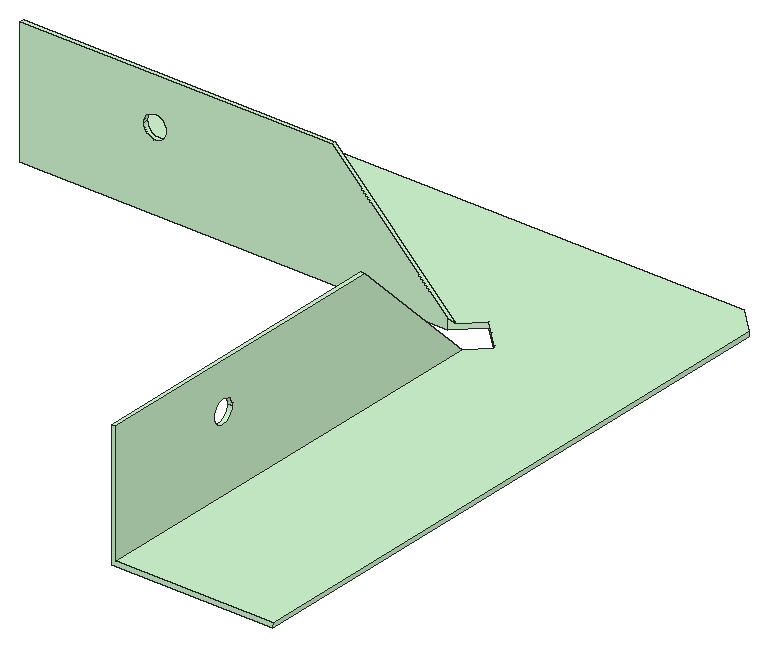
Revit family "30Lバー出隅J-eL3025(ビス)", category 機械設備, Revit 2020
Family settings
  丸型コネクタ寸法 = 直径を使用
  種別 = なし
  パーツ タイプ = 標準
  作業面ベース = いいえ
  常に垂直 = はい
  ロード時にボイドで切り取り = いいえ
  共有 = いいえ
  部屋計算ポイント = いいえ
Parameters
  製造元 = "株式会社桐井製作所"
  既定の高さ = 0 mm
  URL = "https://www.kirii.co.jp/"
  K_材質 = "溶融亜鉛めっき鋼板及び鋼帯 SGCC 一般用"
  K_品名 = "30Lバー出隅J-eL3025(ビス)"
  K_名称 = "Lバージョイント"
  K_入数 = "200"
  K_備考 = "対象Lバー:eL3025(30面)"
  K_バージョン情報 = "20220915"
  K_めっき付着量 = "Z12"
  K_JIS規格 = "JIS G 3302"
Reference planes
  plane 1 "中心(正面/背面)": y = 0
  plane 2: z = 0
  plane 3 "中心(左/右)": x = 0
Forms (mm)
  Extrusion 1, solid
    sketch origin (-73.296, 0, 0) x (0, 1, 0) y (0, 0, 1)
      loop
        line (-0.8, 0) -> (0, 0) -> (0, 21.5) -> (-0.8, 21.5) -> (-0.8, 0)
    from -5.621 to 73.379
  Extrusion 2, solid
    sketch origin (-73.296, 0, 0) x (0, 1, 0) y (0, 0, 1)
      loop
        line (27, 0.8) -> (0, 0.8) -> (0, 0) -> (27, 0) -> (27, 0.8)
    from -5.621 to 100.379
  Extrusion 3, solid
    sketch origin (32.582, 0, 0) x (1, 0, 0) y (0, 0, 1)
      loop
        line (-33.3, 0) -> (-5.582, 0) -> (-5.582, 0.8) -> (-32.5, 0.8) -> (-32.5, 21.5) -> (-33.3, 21.5) -> (-33.3, 0)
    from 0 to 79
  Extrusion 4, void
    sketch origin (32.582, 0, 0) x (0, 1, 0) y (0, 0, 1)
      loop
        line (-25.65, 21.5) -> (-4.15, 0) -> (0, 0) -> (0, 21.5) -> (-25.65, 21.5)
    from -33.3 to -32.5
  Extrusion 5, void
    sketch origin (32.582, 0, 0) x (1, 0, 0) y (0, 0, 1)
      loop
        line (-32.5, 21.5) -> (-58.15, 21.5) -> (-36.65, 0) -> (-32.5, 0) -> (-32.5, 21.5)
    from 0 to 0.8
  Extrusion 6, void
    sketch origin (32.582, 0, 0) x (1, 0, 0) y (0, 1, 0)
      loop
        line (-29.345, -1.795) -> (-34.295, 3.155) -> (-38.25, -0.8) -> (-33.3, -5.75) -> (-29.345, -1.795)
    from -0.971 to 1.712
  Extrusion 7, void
    sketch origin (32.582, -3.536, 4.161) x (0, 1, 0) y (0, 0, 1)
      loop
        circle (-52.5, 9.5) r 2
    from -33.3 to -32.5
  Extrusion 8, void
    sketch origin (29.207, 0, 4) x (1, 0, 0) y (0, 0, 1)
      loop
        circle (-85, 9.5) r 2
    from 0 to 0.8
  Extrusion 9, void
    sketch origin (26.954, -5.628, 0) x (1, 0, 0) y (0, 1, 0)
      loop
        line (0.128, 32.628) -> (-4.114, 32.628) -> (0.128, 28.386) -> (0.128, 32.628)
    from 0 to 0.8
Cuts and joins
  Extrusion 4, Extrusion 5, Extrusion 6, Extrusion 7, Extrusion 8 cuts Extrusion 1
  Extrusion 4, Extrusion 6, Extrusion 7, Extrusion 8, Extrusion 9 cuts Extrusion 2
  Extrusion 4, Extrusion 6, Extrusion 7, Extrusion 8 cuts Extrusion 3
  joined: Extrusion 1, Extrusion 2, Extrusion 3
Dimensions and locks
  aligned and locked: level to plane 2
